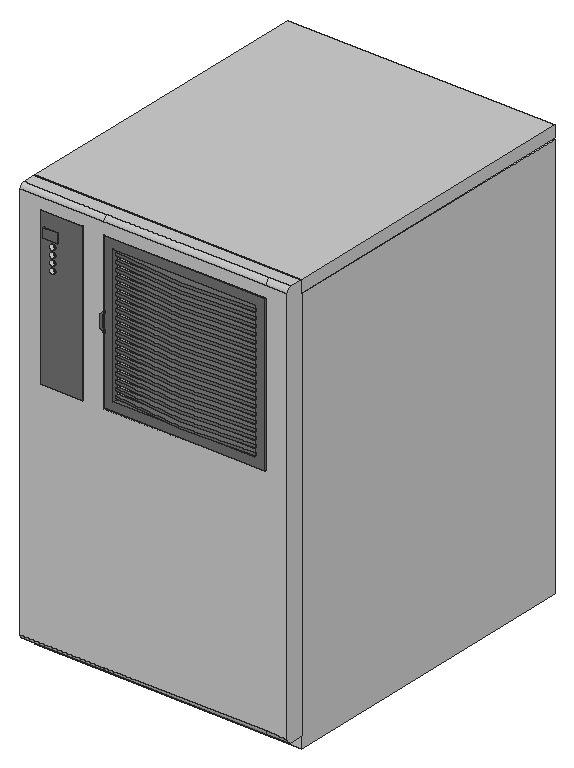
Revit family "QF_HOSHIZAKI_IM-240ANE-HC-32", category Specialty Equipment, Revit 2016
Family settings
  Part Type = Normal
  Round Connector Dimension = Use Diameter
  OmniClass Number = 23.40.40.14
  OmniClass Title = Food Service Equipment
  Work Plane-Based = No
  Always vertical = Yes
  Cut with Voids When Loaded = No
  Shared = No
  Room Calculation Point = No
Parameters (values of type "IM-240ANE-HC-32_230V/1Ph/50Hz")
  Weight = 78.00 kg
  Waste Remarks [instance] = ""
  Volts = 230 V
  URL Cutsheet = ""
  URL = "www.hoshizaki-europe.com"
  Status [instance] = ""
  Specification by User [instance] = ""
  Specification by Manufacturer [instance] = ""
  Serial Number = ""
  Seismic Rating = ""
  SMACNA No = ""
  Revision Code [instance] = ""
  Phase = 1
  Number of Poles = 2
  NAFEM Spec ID Number = ""
  Model = "IM-240ANE-HC-32"
  Min Ckt Ampacity = 0 A
  Max Overcurrent Protection = 0 A
  Masterspec = ""
  Manufacturer = "HOSHIZAKI"
  Length Actual = 560 mm
  Item Number [instance] = ""
  Installed By [instance] = ""
  Indirect Waste Size = 19.05 mm
  Indirect Waste Connection Type [instance] = ""
  Indirect Waste Connection Height [instance] = 40 mm
  Identify Quantity as Lot [instance] = no
  Height Actual = 880 mm
  HP power = ""
  Furnished By [instance] = ""
  Foodservice Equipment Identifier [instance] = yes
  FL Amps = 20 A
  Electric power = 930 W
  Electric Connection Type [instance] = ""
  Elec Conn RI Height [instance] = 0 mm
  Elec Conn Connection Height [instance] = 770 mm
  Direct Waste RI Height [instance] = 0 mm
  Description = "IM HYDROCARBON ICE MAKER, 235KG PER 24 HOURS, EXTRA LARGE CUBE, MODULAR"
  Depth Actual = 700 mm
  Cycle = 50 Hz
  Cost = 0
  Conn Plug = ""
  Conn Conduit = no
  Cold Water Temperature Recommended = 0 °C
  Cold Water Size = 19.05 mm
  Cold Water Flow = 0.0 L/s
  Cold Water Connection Height [instance] = 415 mm
  CSI MasterFormat = ""
  Assembly Code = "E1090320"
  Apparent Power = 930 VA
  Accessory = no
Types (2, lengths in mm): name | Volts | Cycle
  IM-240ANE-HC-32_230V/1Ph/50Hz | 230 V | 50 Hz
  IM-240ANE-HC-32_240V/1Ph/60Hz | 240 V | 60 Hz
Reference planes
  plane 1 "Center (Front/Back)": y = 0
  plane 2: z = 0
  plane 3 "Center (Left/Right)": x = 0
Forms (mm)
  Extrusion 1, solid, not visible
    sketch origin (48, -2, 414) x (1, 0, 0) y (0, 1, 0)
      loop
        line (0, 0) -> (2, 0) -> (2, 2) -> (0, 2) -> (0, 0)
    from 0 to 2
  Extrusion 2, solid, not visible
    sketch origin (71, -2, 39) x (1, 0, 0) y (0, 1, 0)
      loop
        line (0, 0) -> (2, 0) -> (2, 2) -> (0, 2) -> (0, 0)
    from 0 to 2
  Extrusion 3, solid, not visible
    sketch origin (31, -17, 769) x (1, 0, 0) y (0, 1, 0)
      loop
        line (0, 0) -> (2, 0) -> (2, 2) -> (0, 2) -> (0, 0)
    from 0 to 2
  Extrusion 4, solid, not visible
    sketch origin (48, -2, 414) x (1, 0, 0) y (0, 1, 0)
      loop
        line (0, 0) -> (2, 0) -> (2, 2) -> (0, 2) -> (0, 0)
    from 0 to 2
  Extrusion 5, solid, not visible
    sketch origin (71, -2, 39) x (1, 0, 0) y (0, 1, 0)
      loop
        line (0, 0) -> (2, 0) -> (2, 2) -> (0, 2) -> (0, 0)
    from 0 to 2
  Extrusion 6, solid, not visible
    sketch origin (31, -17, 769) x (1, 0, 0) y (0, 1, 0)
      loop
        line (0, 0) -> (2, 0) -> (2, 2) -> (0, 2) -> (0, 0)
    from 0 to 2
Dimensions and locks
  aligned and locked: level to plane 2
Nested families
  nested 1: "QF_HOSHIZAKI_IM-240ANE-HC-32_230V_1Ph_50Hz" at (0, 0, 0), type "IM-240ANE-HC-32_230V/1Ph/50Hz"
    with Waste Water Discharge Temperature 0 °C, Status "", Specification by User "", Show Clearance yes, Revision Code "", Plumbing Remarks "", Plumbing Connection Type "", Number of Poles 1, Item Number "", Installed By "", Indirect Waste Connection Type "", Indirect Waste Connection Height 40 mm, Identify Quantity as Lot no, Furnished By "", Foodservice Equipment Identifier yes, Electrical Remarks "", Electric Connection Type "", Elec Conn RI Height 0 mm, Elec Conn Connection Height 770 mm, Conn Conduit no, Cold Water RI Height 415 mm, Cold Water Flow 0.0 L/s, Cold Water Consumption "", Cold Water Connection Height 415 mm
Connectors
  piping at (49, 0, 415), diameter 19.05, driven by "Cold Water Size", driven by "Cold Water Flow"
    settings: on Extrusion 1, index 1, connector inside diameter 609.6 mm, connector length 0 mm, flow factor 0, pipe flow 0.0 L/s, pressure drop 0.0 Pa, fitting loss kfactor 0, connector angle 0.00°, fixture units 0, engagement length 0 mm, angle of deflection 0.00°, flow configuration 1, flow direction 1, fitting loss method 0, system type 20, joint type 0, gender type 0, connector reference index -1, connector utility 0, adjustable connector no, is connector primary yes, connector description "Cold Water connection for 'IM-240ANE-HC-32'"
  piping at (72, 0, 40), diameter 19.05, driven by "Indirect Waste Size"
    settings: on Extrusion 2, index 2, connector inside diameter 609.6 mm, connector length 0 mm, flow factor 0, pipe flow 0.0 L/s, pressure drop 0.0 Pa, fitting loss kfactor 0, connector angle 0.00°, fixture units 0, engagement length 0 mm, angle of deflection 0.00°, flow configuration 1, flow direction 2, fitting loss method 0, system type 16, joint type 0, gender type 0, connector reference index -1, connector utility 0, adjustable connector no, is connector primary no, connector description "Drain connection for 'IM-240ANE-HC-32'"
  electrical at (32, -15, 770), driven by "Apparent Power", driven by "Number of Poles", driven by "Volts"
    settings: on Extrusion 3, index 3, voltage 230 V, apparent load 0 VA, apparent load phase1 930 VA, apparent load phase2 0 VA, apparent load phase3 0 VA, power factor 1, load classification "Other", number of poles 2, system type 31, power factor state 1, is connector primary yes, connector utility no, sub classification motor no, connector description "Electric connection for 'IM-240ANE-HC-32'"
  piping at (49, 0, 415), diameter 19.05, driven by "Cold Water Size", driven by "Cold Water Flow"
    settings: on Extrusion 4, index 4, connector inside diameter 609.6 mm, connector length 0 mm, flow factor 0, pipe flow 0.0 L/s, pressure drop 0.0 Pa, fitting loss kfactor 0, connector angle 0.00°, fixture units 0, engagement length 0 mm, angle of deflection 0.00°, flow configuration 1, flow direction 1, fitting loss method 0, system type 20, joint type 0, gender type 0, connector reference index -1, connector utility 0, adjustable connector no, is connector primary no, connector description "Cold Water connection for 'IM-240ANE-HC-32'"
  piping at (72, 0, 40), diameter 19.05, driven by "Indirect Waste Size"
    settings: on Extrusion 5, index 5, connector inside diameter 609.6 mm, connector length 0 mm, flow factor 0, pipe flow 0.0 L/s, pressure drop 0.0 Pa, fitting loss kfactor 0, connector angle 0.00°, fixture units 0, engagement length 0 mm, angle of deflection 0.00°, flow configuration 1, flow direction 2, fitting loss method 0, system type 16, joint type 0, gender type 0, connector reference index -1, connector utility 0, adjustable connector no, is connector primary no, connector description "Drain connection for 'IM-240ANE-HC-32'"
  electrical at (32, -15, 770), driven by "Apparent Power", driven by "Number of Poles", driven by "Volts"
    settings: on Extrusion 6, index 6, voltage 230 V, apparent load 0 VA, apparent load phase1 930 VA, apparent load phase2 0 VA, apparent load phase3 0 VA, power factor 1, load classification "Other", number of poles 2, system type 31, power factor state 1, is connector primary no, connector utility no, sub classification motor no, connector description "Electric connection for 'IM-240ANE-HC-32'"
Definition of nested family "QF_HOSHIZAKI_IM-240ANE-HC-32_230V_1Ph_50Hz"
  Parameters (values of type "IM-240ANE-HC-32_230V/1Ph/50Hz")
    Weight in Pounds = 171.9604
    Electric power = 930 W
    Waste Water Discharge Temperature [instance] = 0 °C
    Volts = 230 V
    URL Cutsheet = "www.hoshizaki-europe.com"
    URL = "www.hoshizaki-europe.com"
    Status [instance] = ""
    Specification by User [instance] = ""
    Specification by Manufacturer = ""
    Show Clearance [instance] = yes
    Serial Number = ""
    Seismic Rating = ""
    SMACNA No = ""
    Revision Code [instance] = ""
    Plumbing Remarks [instance] = ""
    Plumbing Connection Type [instance] = ""
    Phase = 1
    Number of Poles [instance] = 1
    NAFEM Spec ID Number = ""
    Model = "IM-240ANE-HC-32"
    Min Ckt Ampacity = 0 A
    Max Overcurrent Protection = 0 A
    Masterspec = ""
    Manufacturer = "HOSHIZAKI"
    Item Number [instance] = ""
    Installed By [instance] = ""
    Indirect Waste Size = 19.05 mm
    Indirect Waste Flow = 0.0 L/s
    Indirect Waste Connection Type [instance] = ""
    Indirect Waste Connection Height [instance] = 40 mm
    Identify Quantity as Lot [instance] = no
    HP power = "1.247148600000"
    Furnished By [instance] = ""
    Foodservice Equipment Identifier [instance] = yes
    FL Amps = 20 A
    Electrical Remarks [instance] = ""
    Electric Connection Type [instance] = ""
    Elec Conn RI Height [instance] = 0 mm
    Elec Conn Connection Height [instance] = 770 mm
    Description = "EMERALD CLASS IM HYDROCARBON ICE MAKER, 235KG PER 24 HOURS, EXTRA LARGE CUBE, MODULAR"
    Cycle = 50 Hz
    Conn Plug = ""
    Conn Conduit [instance] = no
    Cold Water Temperature Recommended = 35 °C
    Cold Water Size = 19.05 mm
    Cold Water RI Height [instance] = 415 mm
    Cold Water Minimum Pressure = 70000.0 Pa
    Cold Water Maximum Pressure = 780000.0 Pa
    Cold Water Flow [instance] = 0.0 L/s
    Cold Water Consumption [instance] = ""
    Cold Water Connection Height [instance] = 415 mm
    CSI MasterFormat = ""
    Assembly Code = "E1090320"
    Apparent Power = 930 VA
  Types (12, lengths in mm): name | Weight in Pounds | Electric power | Phase | Model | Indirect Waste Size | Indirect Waste Connection Height | Identify Quantity as Lot | HP power | Elec Conn Connection Height | Description | Conn Conduit | Cold Water Size | Cold Water RI Height | Cold Water Connection Height | Apparent Power
    (no name) | 0 | 0 W | 0 | "" | 0 | 0 | yes | "" | 0 | "" | yes | 0 | 0 | 0 | 0 VA
    IM-130ANE-HC | 149.9142 | 630 W | 1 | "IM-130ANE-HC" | 19.05 | 40 | no | "0.844842600000" | 770 | "EMERALD CLASS IM HYDROCARBON ICE MAKER, 125KG PER 24 HOURS, LARGE CUBE, MODULAR" | no | 12.7 | 415 | 415 | 630 VA
    IM-130ANE-HC-23 | 149.9142 | 630 W | 1 | "IM-130ANE-HC-23" | 19.05 | 40 | no | "0.844842600000" | 770 | "EMERALD CLASS IM HYDROCARBON ICE MAKER, 125KG PER 24 HOURS, MEDIUM CUBE, MODULAR" | no | 12.7 | 415 | 415 | 630 VA
    IM-240ANE-HC | 171.9604 | 930 W | 1 | "IM-240ANE-HC" | 19.05 | 40 | no | "1.247148600000" | 770 | "EMERALD CLASS IM HYDROCARBON ICE MAKER, 235KG PER 24 HOURS, LARGE CUBE, MODULAR" | no | 19.05 | 415 | 415 | 930 VA
    IM-240ANE-HC-21 | 171.9604 | 930 W | 1 | "IM-240ANE-HC-21" | 19.05 | 40 | no | "1.247148600000" | 770 | "EMERALD CLASS IM HYDROCARBON ICE MAKER, 235KG PER 24 HOURS, EXTRA SMALL CUBE, MODULAR" | no | 19.05 | 415 | 415 | 930 VA
    IM-240ANE-HC-23 | 171.9604 | 930 W | 1 | "IM-240ANE-HC-23" | 19.05 | 40 | no | "1.247148600000" | 770 | "EMERALD CLASS IM HYDROCARBON ICE MAKER, 235KG PER 24 HOURS, MEDIUM CUBE, MODULAR" | no | 19.05 | 415 | 415 | 930 VA
    IM-240ANE-HC-32_230V/1Ph/50Hz | 171.9604 | 930 W | 1 | "IM-240ANE-HC-32" | 19.05 | 40 | no | "1.247148600000" | 770 | "EMERALD CLASS IM HYDROCARBON ICE MAKER, 235KG PER 24 HOURS, EXTRA LARGE CUBE, MODULAR" | no | 19.05 | 415 | 415 | 930 VA
    IM-240ANE | 176.3696 | 1320 W | 1 | "IM-240ANE" | 19.05 | 40 | no | "1.770146400000" | 770 | "MODULAR IM ICE MAKER, 240KG PER 24 HOURS, LARGE CUBE" | no | 19.05 | 415 | 415 | 1320 VA
    IM-240ANE-21 | 176.3696 | 1320 W | 1 | "IM-240ANE-21" | 19.05 | 40 | no | "1.770146400000" | 770 | "MODULAR IM ICE MAKER, 240KG PER 24 HOURS, EXTRA SMALL CUBE" | no | 19.05 | 415 | 415 | 1320 VA
    IM-240ANE-23 | 176.3696 | 1320 W | 1 | "IM-240ANE-23" | 19.05 | 40 | no | "1.770146400000" | 770 | "MODULAR IM ICE MAKER, 240KG PER 24 HOURS, MEDIUM CUBE" | no | 19.05 | 415 | 415 | 1320 VA
    IM-240AWNE | 176.3696 | 1320 W | 1 | "IM-240AWNE" | 19.05 | 40 | no | "1.770146400000" | 770 | "MODULAR IM ICE MAKER, 240KG PER 24 HOURS, LARGE CUBE, WATER COOLED" | no | 19.05 | 415 | 415 | 1320 VA
    IM-240AWNE-23 | 176.3696 | 1320 W | 1 | "IM-240AWNE-23" | 19.05 | 40 | no | "1.770146400000" | 770 | "MODULAR IM ICE MAKER, 240KG PER 24 HOURS, MEDIUM CUBE, WATER COOLED" | no | 19.05 | 415 | 415 | 1320 VA
  Values of the unnamed type that differ from the named types
    Waste Water Discharge Temperature = -273.15 °C
    Volts = 0 V
    URL Cutsheet = ""
    URL = ""
    Manufacturer = ""
    FL Amps = 0 A
    Cycle = 0 Hz
    Cold Water Temperature Recommended = -273.15 °C
    Cold Water Minimum Pressure = 0.0 Pa
    Cold Water Maximum Pressure = 0.0 Pa
  Reference planes
    plane 1 "Back": y = 0
    plane 2: z = 0
    plane 3 "Left": x = 0
    plane 4 "Right": x = 560
    plane 5 "Front": y = -700
    plane 6 "Top": z = 880
  Forms (mm)
    Extrusion 1, solid
      sketch origin (0, 0, 40) x (0, 1, 0) y (0, 0, 1)
        loop
          line (0, -40) -> (0, 813) -> (-663, 813) -> (-663, -40) -> (0, -40)
      from 0 to 560
    Extrusion 2, solid
      sketch origin (-357.75, -249, 573) x (0, 1, 0) y (0, 0, 1)
        loop
          line (-414, -550) -> (-414, 307) -> (-441, 307)
          arc (-441, 307) -> (-448.071, 304.071) -> (-451, 297) r 10
          line (-451, 297) -> (-451, -540)
          arc (-451, -540) -> (-448.071, -547.071) -> (-441, -550) r 10
          line (-441, -550) -> (-414, -550)
      from 533.75 to 357.75
    Extrusion 3, solid
      sketch origin (0, 0, 185) x (0, 1, 0) y (0, 0, 1)
        loop
          line (-663, 695) -> (-663, 670) -> (0, 670) -> (0, 695) -> (-663, 695)
      from 560 to 0
    Extrusion 4, solid
      sketch origin (-59.168, -700, 607.328) x (1, 0, 0) y (0, 0, 1)
        loop
          line (103.168, 239.672) -> (103.168, -87.328) -> (191.168, -87.328) -> (191.168, 239.672) -> (103.168, 239.672)
      from 0 to 2
    Extrusion 5, solid
      sketch origin (-184.608, -702, 607.328) x (1, 0, 0) y (0, 0, 1)
        loop
          line (235.856, 210.572) -> (235.856, 190.572) -> (265.856, 190.572) -> (265.856, 210.572) -> (235.856, 210.572)
      from 0 to 2
    Extrusion 6, solid
      sketch origin (-177.859, -702, 607.328) x (1, 0, 0) y (0, 0, 1)
        loop
          circle (248.239, 179.635) r 5
        loop
          circle (248.239, 164.635) r 5
        loop
          circle (248.239, 149.635) r 5
        loop
          circle (248.239, 134.635) r 5
      from 0 to 2
    Extrusion 7, solid
      sketch origin (205.924, 29, 647) x (0, 1, 0) y (0, 0, 1)
        loop
          line (-29, 123) -> (16, 123) -> (16, 164.349) -> (0, 192.062) -> (0, 206) -> (-29, 206) -> (-29, 123)
      from -147.876 to -200
    Extrusion 8, solid
      sketch origin (72, 33, 40) x (1, 0, 0) y (0, 0, 1)
        loop
          circle (0, 0) r 14
        loop
          circle (0, 0) r 12
      from 0 to 33
    Extrusion 9, solid
      sketch origin (49, 33, 415) x (1, 0, 0) y (0, 0, 1)
        loop
          circle (0, 0) r 14
        loop
          circle (0, 0) r 12
      from 4 to 33
    Extrusion 10, solid
      sketch origin (516, -249, 573) x (0, 1, 0) y (0, 0, 1)
        loop
          line (-414, -550) -> (-414, 307) -> (-441, 307)
          arc (-441, 307) -> (-448.071, 304.071) -> (-451, 297) r 10
          line (-451, 297) -> (-451, -540)
          arc (-451, -540) -> (-448.071, -547.071) -> (-441, -550) r 10
          line (-441, -550) -> (-414, -550)
      from 0 to 44
    Extrusion 11, solid
      sketch origin (176, -249, 573) x (0, 1, 0) y (0, 0, 1)
        loop
          line (-414, -550) -> (-414, -53) -> (-451, -53) -> (-451, -540)
          arc (-451, -540) -> (-448.071, -547.071) -> (-441, -550) r 10
          line (-441, -550) -> (-414, -550)
        loop
          line (-451, 297) -> (-451, 274) -> (-414, 274) -> (-414, 307) -> (-441, 307)
          arc (-441, 307) -> (-448.071, 304.071) -> (-451, 297) r 10
      from 0 to 340
    Extrusion 12, solid
      sketch origin (60.75, -852, 508) x (1, 0, 0) y (0, 0, 1)
        loop
          line (117.25, 337) -> (117.25, 14) -> (453.25, 14) -> (453.25, 337) -> (117.25, 337)
        loop
          line (135.25, 319) -> (135.25, 32) -> (435.25, 32) -> (435.25, 319) -> (135.25, 319)
      from -150 to -160
    Extrusion 13, solid
      sketch origin (60.75, -249, 650) x (1, 0, 0) y (0, 1, 0)
        loop
          line (135.25, -443) -> (135.25, -448.703)
          arc (135.25, -448.703) -> (285.097, -461.54) -> (435.25, -453) r 1057.927
          line (435.25, -453) -> (435.25, -443) -> (135.25, -443)
      from 0 to 5
    Extrusion 14, solid
      sketch origin (60.75, -249, 665) x (1, 0, 0) y (0, 1, 0)
        loop
          line (135.25, -443) -> (135.25, -448.703)
          arc (135.25, -448.703) -> (285.097, -461.54) -> (435.25, -453) r 1057.927
          line (435.25, -453) -> (435.25, -443) -> (135.25, -443)
      from 0 to 5
    Extrusion 15, solid
      sketch origin (60.75, -249, 680) x (1, 0, 0) y (0, 1, 0)
        loop
          line (135.25, -443) -> (135.25, -448.703)
          arc (135.25, -448.703) -> (285.097, -461.54) -> (435.25, -453) r 1057.927
          line (435.25, -453) -> (435.25, -443) -> (135.25, -443)
      from 0 to 5
    Extrusion 16, solid
      sketch origin (60.75, -249, 695) x (1, 0, 0) y (0, 1, 0)
        loop
          line (135.25, -443) -> (135.25, -448.703)
          arc (135.25, -448.703) -> (285.097, -461.54) -> (435.25, -453) r 1057.927
          line (435.25, -453) -> (435.25, -443) -> (135.25, -443)
      from 0 to 5
    Extrusion 17, solid
      sketch origin (60.75, -249, 710) x (1, 0, 0) y (0, 1, 0)
        loop
          line (135.25, -443) -> (135.25, -448.703)
          arc (135.25, -448.703) -> (285.097, -461.54) -> (435.25, -453) r 1057.927
          line (435.25, -453) -> (435.25, -443) -> (135.25, -443)
      from 0 to 5
    Extrusion 18, solid
      sketch origin (60.75, -249, 725) x (1, 0, 0) y (0, 1, 0)
        loop
          line (135.25, -443) -> (135.25, -448.703)
          arc (135.25, -448.703) -> (285.097, -461.54) -> (435.25, -453) r 1057.927
          line (435.25, -453) -> (435.25, -443) -> (135.25, -443)
      from 0 to 5
    Extrusion 19, solid
      sketch origin (60.75, -249, 740) x (1, 0, 0) y (0, 1, 0)
        loop
          line (135.25, -443) -> (135.25, -448.703)
          arc (135.25, -448.703) -> (285.097, -461.54) -> (435.25, -453) r 1057.927
          line (435.25, -453) -> (435.25, -443) -> (135.25, -443)
      from 0 to 5
    Extrusion 20, solid
      sketch origin (60.75, -249, 755) x (1, 0, 0) y (0, 1, 0)
        loop
          line (135.25, -443) -> (135.25, -448.703)
          arc (135.25, -448.703) -> (285.097, -461.54) -> (435.25, -453) r 1057.927
          line (435.25, -453) -> (435.25, -443) -> (135.25, -443)
      from 0 to 5
    Extrusion 21, solid
      sketch origin (60.75, -249, 770) x (1, 0, 0) y (0, 1, 0)
        loop
          line (135.25, -443) -> (135.25, -448.703)
          arc (135.25, -448.703) -> (285.097, -461.54) -> (435.25, -453) r 1057.927
          line (435.25, -453) -> (435.25, -443) -> (135.25, -443)
      from 0 to 5
    Extrusion 22, solid
      sketch origin (60.75, -249, 785) x (1, 0, 0) y (0, 1, 0)
        loop
          line (135.25, -443) -> (135.25, -448.703)
          arc (135.25, -448.703) -> (285.097, -461.54) -> (435.25, -453) r 1057.927
          line (435.25, -453) -> (435.25, -443) -> (135.25, -443)
      from 0 to 5
    Extrusion 23, solid
      sketch origin (60.75, -249, 800) x (1, 0, 0) y (0, 1, 0)
        loop
          line (135.25, -443) -> (135.25, -448.703)
          arc (135.25, -448.703) -> (285.097, -461.54) -> (435.25, -453) r 1057.927
          line (435.25, -453) -> (435.25, -443) -> (135.25, -443)
      from 0 to 5
    Extrusion 24, solid
      sketch origin (60.75, -249, 815) x (1, 0, 0) y (0, 1, 0)
        loop
          line (135.25, -443) -> (135.25, -448.703)
          arc (135.25, -448.703) -> (285.097, -461.54) -> (435.25, -453) r 1057.927
          line (435.25, -453) -> (435.25, -443) -> (135.25, -443)
      from 0 to 5
    Extrusion 25, solid
      sketch origin (30.75, -900, 451.571) x (1, 0, 0) y (0, 0, 1)
        loop
          line (147.25, 254) -> (138.179, 244.929) -> (138.179, 218.929) -> (147.25, 209.858) -> (147.25, 216.929) -> (143.179, 221) -> (143.179, 242.858) -> (147.25, 246.929) -> (147.25, 254)
      from -198 to -200
    Extrusion 26, solid
      sketch origin (60.75, -249, 590) x (1, 0, 0) y (0, 1, 0)
        loop
          line (135.25, -443) -> (135.25, -448.703)
          arc (135.25, -448.703) -> (285.097, -461.54) -> (435.25, -453) r 1057.927
          line (435.25, -453) -> (435.25, -443) -> (135.25, -443)
      from 0 to 5
    Extrusion 27, solid
      sketch origin (60.75, -249, 605) x (1, 0, 0) y (0, 1, 0)
        loop
          line (135.25, -443) -> (135.25, -448.703)
          arc (135.25, -448.703) -> (285.097, -461.54) -> (435.25, -453) r 1057.927
          line (435.25, -453) -> (435.25, -443) -> (135.25, -443)
      from 0 to 5
    Extrusion 28, solid
      sketch origin (60.75, -249, 620) x (1, 0, 0) y (0, 1, 0)
        loop
          line (135.25, -443) -> (135.25, -448.703)
          arc (135.25, -448.703) -> (285.097, -461.54) -> (435.25, -453) r 1057.927
          line (435.25, -453) -> (435.25, -443) -> (135.25, -443)
      from 0 to 5
    Extrusion 29, solid
      sketch origin (60.75, -249, 635) x (1, 0, 0) y (0, 1, 0)
        loop
          line (135.25, -443) -> (135.25, -448.703)
          arc (135.25, -448.703) -> (285.097, -461.54) -> (435.25, -453) r 1057.927
          line (435.25, -453) -> (435.25, -443) -> (135.25, -443)
      from 0 to 5
    Extrusion 30, solid
      sketch origin (60.75, -249, 545) x (1, 0, 0) y (0, 1, 0)
        loop
          line (135.25, -443) -> (135.25, -448.703)
          arc (135.25, -448.703) -> (285.097, -461.54) -> (435.25, -453) r 1057.927
          line (435.25, -453) -> (435.25, -443) -> (135.25, -443)
      from 0 to 5
    Extrusion 31, solid
      sketch origin (60.75, -249, 560) x (1, 0, 0) y (0, 1, 0)
        loop
          line (135.25, -443) -> (135.25, -448.703)
          arc (135.25, -448.703) -> (285.097, -461.54) -> (435.25, -453) r 1057.927
          line (435.25, -453) -> (435.25, -443) -> (135.25, -443)
      from 0 to 5
    Extrusion 32, solid
      sketch origin (60.75, -249, 575) x (1, 0, 0) y (0, 1, 0)
        loop
          line (135.25, -443) -> (135.25, -448.703)
          arc (135.25, -448.703) -> (285.097, -461.54) -> (435.25, -453) r 1057.927
          line (435.25, -453) -> (435.25, -443) -> (135.25, -443)
      from 0 to 5
  Cuts and joins
    joined: Extrusion 2, Extrusion 10, Extrusion 11
  Lines and regions (mm)
    symbolic lines
      curve 1: line (0, 0, 0) -> (560, 0, 0)
      curve 2: line (0, -700, 0) -> (0, 0, 0)
      curve 3: line (560, -700, 0) -> (0, -700, 0)
      curve 4: line (560, 0, 0) -> (560, -700, 0)
      curve 5: line (5.924, 0, 0) -> (5.924, 45, 0)
      curve 6: line (58.048, 45, 0) -> (58.048, 0, 0)
      curve 7: line (0, -663, 0) -> (560, -663, 0)
      curve 8: line (5.924, 45, 0) -> (58.048, 45, 0)
      curve 9: line (58.048, 33, 0) -> (86, 33, 0)
      curve 10: line (86, 33, 0) -> (86, 0, 0)
  Dimensions and locks
    aligned and locked: level to plane 2
    aligned and locked: Extrusion 4 sketch curve to Extrusion 4 sketch curve
  Connectors
    piping at (72, 33, 40), diameter 19.05, driven by "Indirect Waste Size", driven by "Indirect Waste Flow"
      settings: on Extrusion 8, index 1, connector inside diameter 609.6 mm, connector length 0 mm, flow factor 0, pipe flow 0.0 L/s, pressure drop 0.0 Pa, fitting loss kfactor 0, connector angle 0.00°, fixture units 0, engagement length 0 mm, angle of deflection 0.00°, flow configuration 1, flow direction 2, fitting loss method 0, system type 16, joint type 0, gender type 0, connector reference index -1, connector utility 0, adjustable connector no, is connector primary yes, connector description "Indirect Waste Connection"
    electrical at (31.986, 22.5, 770), driven by "Apparent Power", driven by "Volts", driven by "Number of Poles"
      settings: on Extrusion 7, index 2, voltage 230 V, apparent load 0 VA, apparent load phase1 930 VA, apparent load phase2 0 VA, apparent load phase3 0 VA, power factor 1, load classification none, number of poles 1, system type 31, power factor state 1, is connector primary yes, connector utility no, sub classification motor no, connector description "Electrical connection"
    piping at (49, 29, 415), diameter 19.05, driven by "Cold Water Size", driven by "Cold Water Flow"
      settings: on Extrusion 9, index 3, connector inside diameter 609.6 mm, connector length 0 mm, flow factor 0, pipe flow 0.0 L/s, pressure drop 0.0 Pa, fitting loss kfactor 0, connector angle 0.00°, fixture units 0, engagement length 0 mm, angle of deflection 0.00°, flow configuration 1, flow direction 1, fitting loss method 0, system type 20, joint type 0, gender type 0, connector reference index -1, connector utility 0, adjustable connector no, is connector primary no, connector description "Cold Water onnection"
